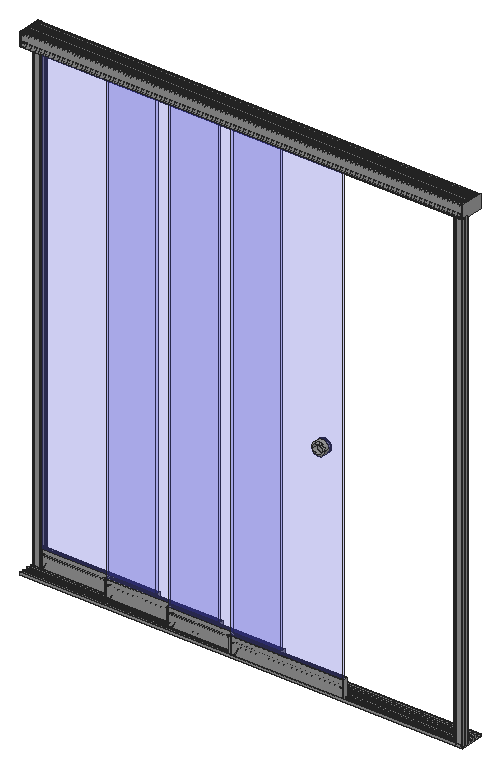
Revit family "SlideTec-Flush Track- 4 Panels-Retracted 1 side", category Generic Models, Revit 2018
Family settings
  Can host rebar = No
  Round Connector Dimension = Use Diameter
  Part Type = Normal
  Work Plane-Based = No
  Always vertical = Yes
  Cut with Voids When Loaded = No
  Shared = No
  Room Calculation Point = No
Parameters
  Panel Width_Short [instance] = Panel Width - 21 mm  # 518 mm
  Panel 1 [instance] = if(Sliders Retracting < 0 mm, 0 mm, if(Sliders Retracting > Panel Width_Short - 43.7 mm, Panel Width_Short - 43.7 mm, Sliders Retracting))  # 300 mm
  Panel Width [instance] = (Length Input / 4) + 39 mm  # 539 mm
  Sliders Retracting [instance] = 300 mm
  Panel 3 [instance] = Panel 1 * 3  # 900 mm
  Panel 2 [instance] = Panel 1 * 2  # 600 mm
  Length Input [instance] = if(Length < 2000 mm, 2000 mm, if(Length > 5000 mm, 5000 mm, Length))  # 2000 mm
  Length [instance] = 2000 mm
  Height Input [instance] = if(Height < 1500 mm, 1500 mm, if(Height > 3000 mm, 3000 mm, Height))  # 2200 mm
  Height [instance] = 2200 mm
  Glass [instance] = Glass
  Framing [instance] = Aluminium
Reference planes
  plane 1 "Center (Front/Back)": y = 0
  plane 2: z = 0
  plane 3 "Center (Left/Right)": x = 498.5
  plane 4: x = -501.5
  plane 5: x = 1498.5
  plane 6: z = 2200
  plane 7: z = 2145
  plane 8: x = -467.5
  plane 9: z = 2180
  plane 10: x = -461.5
  plane 11: x = -482.5
Lines and regions (mm)
  model lines
    curve 1: line (1488.5, -25, 0) -> (1473.5, -25, 0)
Dimensions and locks
  equal spacing: plane 4, plane 3 "Center (Left/Right)", plane 5
  locked: plane 6 to plane 7 at 55
  "Length Input": plane 4 to plane 5
  "Height Input": plane 6 to level
  locked: plane 6 to plane 9 at 20
  locked: plane 8 to plane 10 at 6
  "Panel 1": plane 10 to nested 7
  "Panel 2": plane 10 to nested 8
  "Panel 3": plane 10 to nested 6
  nested 7 to nested 7 = 518 mm
  locked: plane 4 to plane 11 at 19
  aligned and locked: level to plane 2
  aligned and locked: plane 6 to nested 3
  aligned and locked: plane 7 to nested 2
  aligned and locked: plane 5 to nested 4
  aligned and locked: plane 4 to nested 3
  aligned and locked: plane 7 to nested 4
  aligned and locked: plane 9 to nested 5
  aligned and locked: plane 9 to nested 7
  aligned and locked: plane 9 to nested 8
  aligned and locked: plane 9 to nested 6
  aligned and locked: plane 4 to nested 1
Automatic sketch dimensions
  curve 1 to plane 5 = 25 mm
  curve 1 to plane 5 = 10 mm
  plane 1 "Center (Front/Back)" to curve 1 = 25 mm
Nested families
  nested 1: "Flush Track" at (-46.328, 0, 0), type "Flush Track"
  nested 2: "Side Channel" at (-501.5, 34.5, 2) x (0, -1, 0) z (0, 0, 1), type "Side Channel"
    with Height 2143 mm
  nested 3: "Head Guide" at (-117.423, 0, 2140), type "Head Guide"
    with Width 2000 mm
  nested 4: "Side Channel" at (1498.5, -34.5, 2) x (0, 1, 0) z (0, 0, 1), type "Side Channel"
    with Height 2143 mm
  nested 5: "Panel 1" at (-213, 34.5, 2.557), type "Panel 1"
    with Height 2177.443 mm, Width 539 mm
  nested 6: "Panel 1 & 2 " at (697.5, -34.483, 2.557) x (-1, 0, 0) z (0, 0, 1), type "Panel 1 & 2 "
    with Height 2177.443 mm, Handle 988.721 mm
  nested 7: "Panel 2" at (97.5, 11.5, 2.557), type "Panel 2"
    with Height 2177.443 mm, Width 518 mm
  nested 8: "Panel 2" at (397.5, -11.5, 2.557), type "Panel 2"
    with Height 2177.443 mm, Width 518 mm
Definition of nested family "Flush Track"
  Parameters (values of type "Flush Track")
    Length = 2000 mm
    Framing = none
  Reference planes
    plane 1 "Center (Front/Back)": y = 0
    plane 2: z = 0
    plane 3 "Center (Left/Right)": x = 544.828
    plane 4: x = 1544.828
    plane 5: x = -455.172
    plane 6: x = 1534.828
  Forms (mm)
    Extrusion 1, solid, material <- "Framing"
      sketch origin (0, 0, 0) x (0, -1, 0) y (0, 0, -1)
        loop
          line (36.501, -1.995) -> (50.397, -1.995) -> (50.397, -11) -> (52.2, -11) -> (52.2, 0) -> (-52.2, 0) -> (-52.2, -11) -> (-50.4, -11) -> (-50.4, -2.5)
          arc (-50.4, -2.5) -> (-50.254, -2.146) -> (-49.9, -2) r 0.5
          line (-49.9, -2) -> (-36.5, -2)
          arc (-36.5, -2) -> (-36.146, -2.146) -> (-35.998, -2.5) r 0.5
          line (-35.998, -2.5) -> (-35.998, -8.88) -> (-37.398, -8.88) -> (-37.398, -11.1)
          arc (-37.398, -11.1) -> (-34.498, -14) -> (-31.598, -11.1) r 2.9
          line (-31.598, -11.1) -> (-31.598, -8.881) -> (-33, -8.881) -> (-33, -2.502)
          arc (-33, -2.502) -> (-32.854, -2.147) -> (-32.5, -2) r 0.5
          line (-32.5, -2) -> (-13.5, -2)
          arc (-13.5, -2) -> (-13.146, -2.146) -> (-12.998, -2.5) r 0.5
          line (-12.998, -2.5) -> (-12.998, -8.88) -> (-14.398, -8.88) -> (-14.398, -11.1)
          arc (-14.398, -11.1) -> (-11.498, -14) -> (-8.598, -11.1) r 2.9
          line (-8.598, -11.1) -> (-8.598, -8.881) -> (-10, -8.881) -> (-10, -2.502)
          arc (-10, -2.502) -> (-9.854, -2.147) -> (-9.5, -2) r 0.5
          line (-9.5, -2) -> (9.5, -2)
          arc (9.5, -2) -> (9.854, -2.146) -> (10.002, -2.5) r 0.5
          line (10.002, -2.5) -> (10.002, -8.88) -> (8.602, -8.88) -> (8.602, -11.1)
          arc (8.602, -11.1) -> (11.502, -14) -> (14.402, -11.1) r 2.9
          line (14.402, -11.1) -> (14.402, -8.881) -> (13, -8.881) -> (13, -2.502)
          arc (13, -2.502) -> (13.146, -2.147) -> (13.5, -2) r 0.5
          line (13.5, -2) -> (32.5, -2)
          arc (32.5, -2) -> (32.854, -2.146) -> (33, -2.5) r 0.5
          line (33, -2.5) -> (33, -8.88) -> (31.6, -8.88) -> (31.6, -11.1)
          arc (31.6, -11.1) -> (34.5, -14) -> (37.4, -11.1) r 2.9
          line (37.4, -11.1) -> (37.4, -8.881) -> (35.998, -8.881) -> (35.998, -2.498)
          arc (35.998, -2.498) -> (36.146, -2.142) -> (36.501, -1.995) r 0.503
      from -455.172 to 1544.828
    Extrusion 2, void
      sketch origin (-455.172, 0, 0) x (0, -1, 0) y (0, 0, -1)
        loop
          line (-26.357, -2) -> (-42.835, -2) -> (-42.835, -17) -> (-26.357, -17) -> (-26.357, -2)
      from 0 to 10
    Extrusion 3, void
      sketch origin (1544.828, 0, 0) x (0, -1, 0) y (0, 0, 1)
        loop
          line (-26.357, 2) -> (-26.357, 17) -> (-42.835, 17) -> (-42.835, 2) -> (-26.357, 2)
      from 0 to 10
    Extrusion 4, void
      sketch origin (1544.828, -68.998, 0) x (0, -1, 0) y (0, 0, 1)
        loop
          line (-26.357, 2) -> (-26.357, 17) -> (-42.835, 17) -> (-42.835, 2) -> (-26.357, 2)
      from 0 to 10
  Cuts and joins
    Extrusion 2, Extrusion 3, Extrusion 4 cuts Extrusion 1
  Dimensions and locks
    equal spacing: plane 5, plane 3 "Center (Left/Right)", plane 4
    "Length": plane 5 to plane 4
    locked: plane 6 to plane 4 at 10
    aligned and locked: level to plane 2
    aligned and locked: Extrusion 1 to plane 5
    aligned and locked: Extrusion 1 to plane 4
    aligned and locked: Extrusion 3 to Extrusion 4
    aligned and locked: Extrusion 4 to plane 4
  Automatic sketch dimensions
    Extrusion 1 sketch curve to level = 0 mm
    level to Extrusion 1 sketch curve = 11 mm  (x2)
    Extrusion 1 sketch curve to plane 1 "Center (Front/Back)" = 52.2 mm
    Extrusion 1 sketch curve to Extrusion 1 sketch curve = 1.8 mm
    Extrusion 1 sketch curve to Extrusion 1 sketch curve = 0.5 mm  (x4)
    Extrusion 1 sketch curve to Extrusion 1 sketch curve = 13.002 mm
    level to Extrusion 1 sketch curve = 2.5 mm  (x5)
    Extrusion 1 sketch curve to Extrusion 1 sketch curve = 0.898 mm  (x3)
    Extrusion 1 sketch curve to Extrusion 1 sketch curve = 1.4 mm  (x4)
    Extrusion 1 sketch curve to Extrusion 1 sketch curve = 1.5 mm  (x4)
    Extrusion 1 sketch curve to Extrusion 1 sketch curve = 2.998 mm  (x2)
    Extrusion 1 sketch curve to plane 1 "Center (Front/Back)" = 14.398 mm
    Extrusion 1 sketch curve to Extrusion 1 sketch curve = 1.402 mm  (x2)
    plane 1 "Center (Front/Back)" to Extrusion 1 sketch curve = 8.602 mm
    Extrusion 1 sketch curve to Extrusion 1 sketch curve = 17.198 mm
    Extrusion 1 sketch curve to Extrusion 1 sketch curve = 0.9 mm
    Extrusion 1 sketch curve to Extrusion 1 sketch curve = 0.503 mm
    Extrusion 1 sketch curve to Extrusion 1 sketch curve = 12.997 mm
    Extrusion 1 sketch curve to Extrusion 1 sketch curve = 1.803 mm
    Extrusion 1 sketch curve to Extrusion 1 sketch curve = 8.6 mm  (x4)
    Extrusion 1 sketch curve to Extrusion 1 sketch curve = 2.219 mm  (x4)
    Extrusion 1 sketch curve to Extrusion 1 sketch curve = 2.22 mm  (x4)
    level to Extrusion 1 sketch curve = 2.502 mm  (x2)
    Extrusion 1 sketch curve to Extrusion 1 sketch curve = 0.502 mm
    Extrusion 1 sketch curve to Extrusion 1 sketch curve = 0.002 mm  (x2)
    level to Extrusion 1 sketch curve = 2.498 mm
    Extrusion 1 sketch curve to Extrusion 1 sketch curve = 0 mm  (x3)
    Extrusion 1 to Extrusion 2 sketch curve = 0 mm
    Extrusion 2 sketch curve to Extrusion 1 = 5.436 mm
    Extrusion 2 sketch curve to Extrusion 1 = 5.242 mm
    Extrusion 2 sketch curve to Extrusion 1 = 6 mm
    level to Extrusion 3 sketch curve = 2 mm
    Extrusion 3 sketch curve to plane 1 "Center (Front/Back)" = 42.835 mm
    Extrusion 3 sketch curve to Extrusion 3 sketch curve = 16.478 mm
    Extrusion 3 sketch curve to Extrusion 3 sketch curve = 15 mm
    level to Extrusion 4 sketch curve = 2 mm
    plane 1 "Center (Front/Back)" to Extrusion 4 sketch curve = 26.164 mm
    Extrusion 4 sketch curve to Extrusion 4 sketch curve = 16.478 mm
    Extrusion 4 sketch curve to Extrusion 4 sketch curve = 15 mm
Definition of nested family "Side Channel"
  Parameters (values of type "Side Channel")
    Height [instance] = 326.66 mm
    Framing = none
  Reference planes
    plane 1 "Center (Front/Back)": y = 0
    plane 2: z = 0
    plane 3 "Center (Left/Right)": x = 0
    plane 4: z = 326.66
  Forms (mm)
    Extrusion 1, solid, material <- "Framing"
      sketch origin (41.374, 114.075, 0) x (0, 1, 0) y (-1, 0, 0)
        loop
          arc (-74.577, 26.665) -> (-74.222, 26.811) -> (-74.075, 27.165) r 0.5
          line (-74.075, 27.165) -> (-74.075, 28.965)
          arc (-74.075, 28.965) -> (-74.888, 30.101) -> (-76.225, 29.698) r 1.2
          line (-76.225, 29.698) -> (-76.225, 28.865) -> (-75.175, 28.865) -> (-75.175, 27.765) -> (-80.475, 27.765) -> (-80.475, 28.865) -> (-79.425, 28.865) -> (-79.425, 29.812)
          arc (-79.425, 29.812) -> (-80.467, 30.15) -> (-81.349, 29.501) r 1.2
          line (-81.349, 29.501) -> (-81.349, 28.665) -> (-103.075, 28.665) -> (-103.075, 30.015) -> (-104.075, 30.015) -> (-104.075, 52.515) -> (-103.075, 52.515) -> (-103.075, 53.865) -> (-81.349, 53.865) -> (-81.349, 53.029)
          arc (-81.349, 53.029) -> (-80.467, 52.38) -> (-79.425, 52.718) r 1.2
          line (-79.425, 52.718) -> (-79.425, 53.665) -> (-80.475, 53.665) -> (-80.475, 54.765) -> (-75.175, 54.765) -> (-75.175, 53.665) -> (-76.225, 53.665) -> (-76.225, 52.832)
          arc (-76.225, 52.832) -> (-74.888, 52.429) -> (-74.075, 53.565) r 1.2
          line (-74.075, 53.565) -> (-74.075, 55.365)
          arc (-74.075, 55.365) -> (-74.221, 55.719) -> (-74.575, 55.865) r 0.5
          line (-74.575, 55.865) -> (-110.875, 55.865) -> (-110.875, 54.565) -> (-114.075, 54.565) -> (-114.075, 51.065) -> (-112.475, 51.065) -> (-112.475, 52.965) -> (-109.575, 52.965) -> (-109.575, 53.865) -> (-106.575, 53.865) -> (-106.575, 46.065) -> (-114.075, 46.065) -> (-114.075, 44.265) -> (-106.575, 44.265) -> (-106.575, 38.265) -> (-114.075, 38.265) -> (-114.075, 36.465) -> (-106.575, 36.465) -> (-106.575, 28.665) -> (-109.575, 28.665) -> (-109.575, 29.565) -> (-112.475, 29.565) -> (-112.475, 31.465) -> (-114.075, 31.465) -> (-114.075, 27.965) -> (-110.875, 27.965) -> (-110.875, 26.665) -> (-74.577, 26.665)
      from 0 to 326.66
  Dimensions and locks
    "Height": plane 4 to plane 2
    aligned and locked: level to plane 2
    aligned and locked: plane 4 to Extrusion 1
  Automatic sketch dimensions
    plane 1 "Center (Front/Back)" to Extrusion 1 sketch curve = 0 mm  (x4)
    Extrusion 1 sketch curve to Extrusion 1 sketch curve = 1.6 mm
    Extrusion 1 sketch curve to plane 1 "Center (Front/Back)" = 1.6 mm
    Extrusion 1 sketch curve to plane 1 "Center (Front/Back)" = 3.2 mm  (x2)
    Extrusion 1 sketch curve to Extrusion 1 sketch curve = 1.3 mm  (x3)
    Extrusion 1 sketch curve to Extrusion 1 sketch curve = 3 mm
    Extrusion 1 sketch curve to Extrusion 1 sketch curve = 0 mm  (x3)
    Extrusion 1 sketch curve to Extrusion 1 sketch curve = 2.5 mm
    Extrusion 1 sketch curve to Extrusion 1 sketch curve = 1 mm  (x2)
    Extrusion 1 sketch curve to Extrusion 1 sketch curve = 21.726 mm  (x2)
    Extrusion 1 sketch curve to Extrusion 1 sketch curve = 0.874 mm  (x2)
    Extrusion 1 sketch curve to Extrusion 1 sketch curve = 0.2 mm  (x3)
    Extrusion 1 sketch curve to Extrusion 1 sketch curve = 0.85 mm  (x2)
    Extrusion 1 sketch curve to Extrusion 1 sketch curve = 3.2 mm  (x2)
    Extrusion 1 sketch curve to Extrusion 1 sketch curve = 0.95 mm  (x2)
    Extrusion 1 sketch curve to Extrusion 1 sketch curve = 0.1 mm  (x6)
    Extrusion 1 sketch curve to Extrusion 1 sketch curve = 0.598 mm
    Extrusion 1 sketch curve to Extrusion 1 sketch curve = 0.6 mm  (x3)
    Extrusion 1 sketch curve to Extrusion 1 sketch curve = 0.002 mm
    Extrusion 1 sketch curve to Extrusion 1 sketch curve = 0.5 mm
    Extrusion 1 sketch curve to Extrusion 1 sketch curve = 1.1 mm  (x3)
    plane 3 "Center (Left/Right)" to Extrusion 1 sketch curve = 14.709 mm
    Extrusion 1 sketch curve to Extrusion 1 sketch curve = 0.9 mm  (x3)
    Extrusion 1 sketch curve to Extrusion 1 sketch curve = 0.836 mm
    Extrusion 1 sketch curve to Extrusion 1 sketch curve = 1.35 mm  (x2)
    Extrusion 1 sketch curve to Extrusion 1 sketch curve = 1.9 mm  (x2)
    plane 3 "Center (Left/Right)" to Extrusion 1 sketch curve = 4.909 mm
    Extrusion 1 sketch curve to Extrusion 1 sketch curve = 1.8 mm  (x2)
    Extrusion 1 sketch curve to plane 3 "Center (Left/Right)" = 2.891 mm
    Extrusion 1 sketch curve to Extrusion 1 sketch curve = 5 mm
    Extrusion 1 sketch curve to Extrusion 1 sketch curve = 6.45 mm
    Extrusion 1 sketch curve to plane 3 "Center (Left/Right)" = 11.344 mm
    Extrusion 1 sketch curve to Extrusion 1 sketch curve = 0.114 mm
    Extrusion 1 sketch curve to Extrusion 1 sketch curve = 0.311 mm
    Extrusion 1 sketch curve to Extrusion 1 sketch curve = 0.7 mm
Definition of nested family "Head Guide"
  Parameters (values of type "Head Guide")
    Width = 3000 mm
    Framing = none
  Reference planes
    plane 1 "Center (Front/Back)": y = 0
    plane 2: z = 0
    plane 3 "Center (Left/Right)": x = 1115.923
    plane 4: x = -381.077
    plane 5: x = 2612.923
    plane 6: x = -384.077
    plane 7: x = 2615.923
  Forms (mm)
    Extrusion 1, solid, material <- "Framing"
      sketch origin (0, 0, 5) x (0, 1, 0) y (0, 0, 1)
        loop
          arc (27.3, 47.95) -> (25.815, 47.335) -> (25.2, 45.85) r 2.1
          line (25.2, 45.85) -> (25.2, 44.65) -> (20.8, 44.65) -> (20.8, 45.85)
          arc (20.8, 45.85) -> (20.185, 47.335) -> (18.7, 47.95) r 2.1
          line (18.7, 47.95) -> (17.5, 47.95)
          arc (17.5, 47.95) -> (17.146, 48.096) -> (17, 48.45) r 0.5
          line (17, 48.45) -> (17, 53.2) -> (18, 53.2)
          arc (18, 53.2) -> (18.354, 53.346) -> (18.5, 53.7) r 0.5
          line (18.5, 53.7) -> (18.5, 54.5)
          arc (18.5, 54.5) -> (18.354, 54.854) -> (18, 55) r 0.5
          line (18, 55) -> (15.5, 55)
          arc (15.5, 55) -> (15.146, 54.854) -> (15, 54.5) r 0.5
          line (15, 54.5) -> (15, 49.15)
          arc (15, 49.15) -> (14.854, 48.796) -> (14.5, 48.65) r 0.5
          line (14.5, 48.65) -> (8.5, 48.65)
          arc (8.5, 48.65) -> (8.146, 48.796) -> (8, 49.15) r 0.5
          line (8, 49.15) -> (8, 54.5)
          arc (8, 54.5) -> (7.854, 54.854) -> (7.5, 55) r 0.5
          line (7.5, 55) -> (5, 55)
          arc (5, 55) -> (4.646, 54.854) -> (4.5, 54.5) r 0.5
          line (4.5, 54.5) -> (4.5, 53.7)
          arc (4.5, 53.7) -> (4.646, 53.346) -> (5, 53.2) r 0.5
          line (5, 53.2) -> (6, 53.2) -> (6, 48.45)
          arc (6, 48.45) -> (5.854, 48.096) -> (5.5, 47.95) r 0.5
          line (5.5, 47.95) -> (4.3, 47.95)
          arc (4.3, 47.95) -> (2.815, 47.335) -> (2.2, 45.85) r 2.1
          line (2.2, 45.85) -> (2.2, 44.65) -> (-2.2, 44.65) -> (-2.2, 45.85)
          arc (-2.2, 45.85) -> (-2.815, 47.335) -> (-4.3, 47.95) r 2.1
          line (-4.3, 47.95) -> (-5.5, 47.95)
          arc (-5.5, 47.95) -> (-5.854, 48.096) -> (-6, 48.45) r 0.5
          line (-6, 48.45) -> (-6, 53.2) -> (-5, 53.2)
          arc (-5, 53.2) -> (-4.646, 53.346) -> (-4.5, 53.7) r 0.5
          line (-4.5, 53.7) -> (-4.5, 54.5)
          arc (-4.5, 54.5) -> (-4.646, 54.854) -> (-5, 55) r 0.5
          line (-5, 55) -> (-7.5, 55)
          arc (-7.5, 55) -> (-7.854, 54.854) -> (-8, 54.5) r 0.5
          line (-8, 54.5) -> (-8, 49.15)
          arc (-8, 49.15) -> (-8.146, 48.796) -> (-8.5, 48.65) r 0.5
          line (-8.5, 48.65) -> (-14.5, 48.65)
          arc (-14.5, 48.65) -> (-14.854, 48.796) -> (-15, 49.15) r 0.5
          line (-15, 49.15) -> (-15, 54.5)
          arc (-15, 54.5) -> (-15.146, 54.854) -> (-15.5, 55) r 0.5
          line (-15.5, 55) -> (-18, 55)
          arc (-18, 55) -> (-18.354, 54.854) -> (-18.5, 54.5) r 0.5
          line (-18.5, 54.5) -> (-18.5, 53.7)
          arc (-18.5, 53.7) -> (-18.354, 53.346) -> (-18, 53.2) r 0.5
          line (-18, 53.2) -> (-17, 53.2) -> (-17, 48.45)
          arc (-17, 48.45) -> (-17.146, 48.096) -> (-17.5, 47.95) r 0.5
          line (-17.5, 47.95) -> (-18.7, 47.95)
          arc (-18.7, 47.95) -> (-20.185, 47.335) -> (-20.8, 45.85) r 2.1
          line (-20.8, 45.85) -> (-20.8, 44.65) -> (-25.2, 44.65) -> (-25.2, 45.85)
          arc (-25.2, 45.85) -> (-25.815, 47.335) -> (-27.3, 47.95) r 2.1
          line (-27.3, 47.95) -> (-28.5, 47.95)
          arc (-28.5, 47.95) -> (-28.854, 48.096) -> (-29, 48.45) r 0.5
          line (-29, 48.45) -> (-29, 53.2) -> (-28, 53.2)
          arc (-28, 53.2) -> (-27.646, 53.346) -> (-27.5, 53.7) r 0.5
          line (-27.5, 53.7) -> (-27.5, 54.5)
          arc (-27.5, 54.5) -> (-27.646, 54.854) -> (-28, 55) r 0.5
          line (-28, 55) -> (-30.5, 55)
          arc (-30.5, 55) -> (-30.854, 54.854) -> (-31, 54.5) r 0.5
          line (-31, 54.5) -> (-31, 49.15)
          arc (-31, 49.15) -> (-31.146, 48.796) -> (-31.5, 48.65) r 0.5
          line (-31.5, 48.65) -> (-37.5, 48.65)
          arc (-37.5, 48.65) -> (-37.854, 48.796) -> (-38, 49.15) r 0.5
          line (-38, 49.15) -> (-38, 54.5)
          arc (-38, 54.5) -> (-38.146, 54.854) -> (-38.5, 55) r 0.5
          line (-38.5, 55) -> (-39.3, 55)
          arc (-39.3, 55) -> (-39.654, 54.854) -> (-39.8, 54.5) r 0.5
          line (-39.8, 54.5) -> (-39.8, 48.45)
          arc (-39.8, 48.45) -> (-39.946, 48.096) -> (-40.3, 47.95) r 0.5
          line (-40.3, 47.95) -> (-48.7, 47.95)
          arc (-48.7, 47.95) -> (-49.054, 48.096) -> (-49.2, 48.45) r 0.5
          line (-49.2, 48.45) -> (-49.2, 53.2) -> (-48, 53.2)
          arc (-48, 53.2) -> (-47.646, 53.346) -> (-47.5, 53.7) r 0.5
          line (-47.5, 53.7) -> (-47.5, 54.5)
          arc (-47.5, 54.5) -> (-47.646, 54.854) -> (-48, 55) r 0.5
          line (-48, 55) -> (-50.5, 55)
          arc (-50.5, 55) -> (-50.854, 54.854) -> (-51, 54.5) r 0.5
          line (-51, 54.5) -> (-51, -4.5)
          arc (-51, -4.5) -> (-50.854, -4.854) -> (-50.5, -5) r 0.5
          line (-50.5, -5) -> (-49.7, -5)
          arc (-49.7, -5) -> (-49.346, -4.854) -> (-49.2, -4.5) r 0.5
          line (-49.2, -4.5) -> (-49.2, 0) -> (-43.25, 0)
          arc (-43.25, 0) -> (-42.896, 0.146) -> (-42.75, 0.5) r 0.5
          line (-42.75, 0.5) -> (-42.75, 2.25) -> (-43.95, 2.25) -> (-43.95, 1.2) -> (-45.35, 1.2) -> (-45.35, 2.25) -> (-48.7, 2.25)
          arc (-48.7, 2.25) -> (-49.054, 2.396) -> (-49.2, 2.75) r 0.5
          line (-49.2, 2.75) -> (-49.2, 4.95)
          arc (-49.2, 4.95) -> (-49.054, 5.304) -> (-48.7, 5.45) r 0.5
          line (-48.7, 5.45) -> (-45.35, 5.45) -> (-45.35, 6.5) -> (-43.774, 6.5) -> (-43.679, 5.692)
          arc (-43.679, 5.692) -> (-43.116, 5.468) -> (-42.75, 5.95) r 0.5
          line (-42.75, 5.95) -> (-42.853, 6.824) -> (-43.952, 8.407)
          arc (-43.952, 8.407) -> (-44.492, 8.726) -> (-45.085, 8.523) r 0.75
          arc (-45.085, 8.523) -> (-48.294, 9.895) -> (-45.092, 11.283) r 1.9
          line (-45.092, 11.283) -> (-44.25, 11.283) -> (-44.25, 12.539)
          arc (-44.25, 12.539) -> (-46.718, 13.285) -> (-49, 12.084) r 3.4
          line (-49, 12.084) -> (-49, 42.066)
          arc (-49, 42.066) -> (-48.258, 41.406) -> (-47.356, 40.989) r 3.4
          arc (-47.356, 40.989) -> (-46.425, 41.496) -> (-46.932, 42.428) r 0.75
          arc (-46.932, 42.428) -> (-47.344, 45.895) -> (-44.547, 43.805) r 1.9
          arc (-44.547, 43.805) -> (-44.366, 43.116) -> (-43.691, 42.89) r 0.75
          line (-43.691, 42.89) -> (-42.896, 43.026) -> (-42, 44.624) -> (-42, 46.15) -> (-27, 46.15) -> (-27, 44.624) -> (-26.004, 42.85) -> (-24, 42.85) -> (-24, 7.7) -> (-26.25, 7.7) -> (-26.25, 5.45) -> (-25.05, 5.45) -> (-25.05, 6.5) -> (-23.85, 6.5) -> (-23.85, 1.2) -> (-25.05, 1.2) -> (-25.05, 2.25) -> (-26.25, 2.25) -> (-26.25, 0.5)
          arc (-26.25, 0.5) -> (-26.104, 0.146) -> (-25.75, 0) r 0.5
          line (-25.75, 0) -> (-20.25, 0)
          arc (-20.25, 0) -> (-19.896, 0.146) -> (-19.75, 0.5) r 0.5
          line (-19.75, 0.5) -> (-19.75, 2.25) -> (-20.95, 2.25) -> (-20.95, 1.2) -> (-22.15, 1.2) -> (-22.15, 6.5) -> (-20.95, 6.5) -> (-20.95, 5.45) -> (-19.75, 5.45) -> (-19.75, 7.7) -> (-22, 7.7) -> (-22, 42.85) -> (-20, 42.85) -> (-19.042, 44.471) -> (-18.991, 46.15) -> (-4, 46.15) -> (-4, 44.624) -> (-3.004, 42.85) -> (-1, 42.85) -> (-1, 7.7) -> (-3.25, 7.7) -> (-3.25, 5.45) -> (-2.05, 5.45) -> (-2.05, 6.5) -> (-0.85, 6.5) -> (-0.85, 1.2) -> (-2.05, 1.2) -> (-2.05, 2.25) -> (-3.25, 2.25) -> (-3.25, 0.5)
          arc (-3.25, 0.5) -> (-3.104, 0.146) -> (-2.75, 0) r 0.5
          line (-2.75, 0) -> (2.75, 0)
          arc (2.75, 0) -> (3.104, 0.146) -> (3.25, 0.5) r 0.5
          line (3.25, 0.5) -> (3.25, 2.25) -> (2.05, 2.25) -> (2.05, 1.2) -> (0.85, 1.2) -> (0.85, 6.5) -> (2.05, 6.5) -> (2.05, 5.45) -> (3.25, 5.45) -> (3.25, 7.7) -> (1, 7.7) -> (1, 42.85) -> (3, 42.85) -> (3.958, 44.471) -> (4.009, 46.15) -> (19, 46.15) -> (19, 44.624) -> (19.996, 42.85) -> (22, 42.85) -> (22, 7.7) -> (19.75, 7.7) -> (19.75, 5.45) -> (20.95, 5.45) -> (20.95, 6.5) -> (22.15, 6.5) -> (22.15, 1.2) -> (20.95, 1.2) -> (20.95, 2.25) -> (19.75, 2.25) -> (19.75, 0.5)
          arc (19.75, 0.5) -> (19.896, 0.146) -> (20.25, 0) r 0.5
          line (20.25, 0) -> (25.75, 0)
          arc (25.75, 0) -> (26.104, 0.146) -> (26.25, 0.5) r 0.5
          line (26.25, 0.5) -> (26.25, 2.25) -> (25.05, 2.25) -> (25.05, 1.2) -> (23.85, 1.2) -> (23.85, 6.5) -> (25.05, 6.5) -> (25.05, 5.45) -> (26.25, 5.45) -> (26.25, 7.7) -> (24, 7.7) -> (24, 42.85) -> (26, 42.85) -> (26.958, 44.471) -> (27.009, 46.15) -> (42, 46.15) -> (42, 44.624) -> (42.896, 43.026) -> (43.691, 42.89)
          arc (43.691, 42.89) -> (44.366, 43.116) -> (44.547, 43.805) r 0.75
          arc (44.547, 43.805) -> (47.344, 45.895) -> (46.932, 42.428) r 1.9
          arc (46.932, 42.428) -> (46.425, 41.496) -> (47.356, 40.989) r 0.75
          arc (47.356, 40.989) -> (48.258, 41.406) -> (49, 42.066) r 3.4
          line (49, 42.066) -> (49, 12.084)
          arc (49, 12.084) -> (46.718, 13.285) -> (44.25, 12.539) r 3.4
          line (44.25, 12.539) -> (44.25, 11.283) -> (45.092, 11.283)
          arc (45.092, 11.283) -> (48.294, 9.895) -> (45.085, 8.523) r 1.9
          arc (45.085, 8.523) -> (44.492, 8.726) -> (43.952, 8.407) r 0.75
          line (43.952, 8.407) -> (42.853, 6.824) -> (42.75, 5.95)
          arc (42.75, 5.95) -> (43.116, 5.468) -> (43.679, 5.692) r 0.5
          line (43.679, 5.692) -> (43.774, 6.5) -> (45.35, 6.5) -> (45.35, 5.45) -> (48.7, 5.45)
          arc (48.7, 5.45) -> (49.054, 5.304) -> (49.2, 4.95) r 0.5
          line (49.2, 4.95) -> (49.2, 2.75)
          arc (49.2, 2.75) -> (49.054, 2.396) -> (48.7, 2.25) r 0.5
          line (48.7, 2.25) -> (45.35, 2.25) -> (45.35, 1.2) -> (43.95, 1.2) -> (43.95, 2.25) -> (42.75, 2.25) -> (42.75, 0.5)
          arc (42.75, 0.5) -> (42.896, 0.146) -> (43.25, 0) r 0.5
          line (43.25, 0) -> (49.2, 0) -> (49.2, -4.5)
          arc (49.2, -4.5) -> (49.346, -4.854) -> (49.7, -5) r 0.5
          line (49.7, -5) -> (50.5, -5)
          arc (50.5, -5) -> (50.854, -4.854) -> (51, -4.5) r 0.5
          line (51, -4.5) -> (51, 54.5)
          arc (51, 54.5) -> (50.854, 54.854) -> (50.5, 55) r 0.5
          line (50.5, 55) -> (48, 55)
          arc (48, 55) -> (47.646, 54.854) -> (47.5, 54.5) r 0.5
          line (47.5, 54.5) -> (47.5, 53.7)
          arc (47.5, 53.7) -> (47.646, 53.346) -> (48, 53.2) r 0.5
          line (48, 53.2) -> (49.2, 53.2) -> (49.2, 48.45)
          arc (49.2, 48.45) -> (49.054, 48.096) -> (48.7, 47.95) r 0.5
          line (48.7, 47.95) -> (40.3, 47.95)
          arc (40.3, 47.95) -> (39.946, 48.096) -> (39.8, 48.45) r 0.5
          line (39.8, 48.45) -> (39.8, 54.5)
          arc (39.8, 54.5) -> (39.654, 54.854) -> (39.3, 55) r 0.5
          line (39.3, 55) -> (38.5, 55)
          arc (38.5, 55) -> (38.146, 54.854) -> (38, 54.5) r 0.5
          line (38, 54.5) -> (38, 49.15)
          arc (38, 49.15) -> (37.854, 48.796) -> (37.5, 48.65) r 0.5
          line (37.5, 48.65) -> (31.5, 48.65)
          arc (31.5, 48.65) -> (31.146, 48.796) -> (31, 49.15) r 0.5
          line (31, 49.15) -> (31, 54.5)
          arc (31, 54.5) -> (30.854, 54.854) -> (30.5, 55) r 0.5
          line (30.5, 55) -> (28, 55)
          arc (28, 55) -> (27.646, 54.854) -> (27.5, 54.5) r 0.5
          line (27.5, 54.5) -> (27.5, 53.7)
          arc (27.5, 53.7) -> (27.646, 53.346) -> (28, 53.2) r 0.5
          line (28, 53.2) -> (29, 53.2) -> (29, 48.45)
          arc (29, 48.45) -> (28.854, 48.096) -> (28.5, 47.95) r 0.5
          line (28.5, 47.95) -> (27.3, 47.95)
      from -381.077 to 2612.923
    Extrusion 2, solid, material <- "Framing"
      sketch origin (2612.923, 0, 5) x (0, 1, 0) y (0, 0, 1)
        loop
          line (51, -5) -> (51, 55) -> (-51, 55) -> (-51, -5) -> (-48, -5) -> (-48, 0) -> (-21.001, 0) -> (-21.001, -5) -> (51, -5)
      from 0 to 3
    Extrusion 3, solid, material <- "Framing"
      sketch origin (-381.077, 0, 5) x (0, -1, 0) y (0, 0, 1)
        loop
          line (51, -5) -> (51, 55) -> (-51, 55) -> (-51, -5) -> (-48, -5) -> (-48, 0) -> (-21.001, 0) -> (-21.001, -5) -> (51, -5)
      from 0 to 3
  Dimensions and locks
    locked: plane 6 to plane 4 at 3
    locked: plane 5 to plane 7 at 3
    equal spacing: plane 4, plane 3 "Center (Left/Right)", plane 5
    "Width": plane 6 to plane 7
    aligned and locked: level to plane 2
    aligned and locked: Extrusion 1 to plane 4
    aligned and locked: Extrusion 1 to plane 5
  Automatic sketch dimensions
    Extrusion 1 sketch curve to Extrusion 1 sketch curve = 0 mm  (x27)
    Extrusion 1 sketch curve to level = 0 mm  (x2)
    plane 1 "Center (Front/Back)" to Extrusion 1 sketch curve = 51 mm
    Extrusion 1 sketch curve to Extrusion 1 sketch curve = 0.5 mm  (x50)
    Extrusion 1 sketch curve to Extrusion 1 sketch curve = 0.8 mm  (x13)
    Extrusion 1 sketch curve to Extrusion 1 sketch curve = 1.3 mm  (x4)
    Extrusion 1 sketch curve to Extrusion 1 sketch curve = 0.2 mm  (x7)
    Extrusion 1 sketch curve to Extrusion 1 sketch curve = 1.2 mm  (x36)
    Extrusion 1 sketch curve to Extrusion 1 sketch curve = 1.856 mm
    Extrusion 1 sketch curve to Extrusion 1 sketch curve = 2.606 mm  (x2)
    Extrusion 1 sketch curve to Extrusion 1 sketch curve = 0.75 mm  (x2)
    Extrusion 1 sketch curve to Extrusion 1 sketch curve = 3.35 mm  (x3)
    Extrusion 1 sketch curve to Extrusion 1 sketch curve = 1.303 mm  (x2)
    Extrusion 1 sketch curve to Extrusion 1 sketch curve = 0.782 mm
    level to Extrusion 1 sketch curve = 17.539 mm  (x2)
    Extrusion 1 sketch curve to Extrusion 1 sketch curve = 0.842 mm  (x3)
    level to Extrusion 1 sketch curve = 16.283 mm  (x2)
    level to Extrusion 1 sketch curve = 13.407 mm  (x2)
    Extrusion 1 sketch curve to Extrusion 1 sketch curve = 0.616 mm  (x2)
    Extrusion 1 sketch curve to Extrusion 1 sketch curve = 1.4 mm  (x2)
    Extrusion 1 sketch curve to Extrusion 1 sketch curve = 2.576 mm  (x2)
    Extrusion 1 sketch curve to Extrusion 1 sketch curve = 1.576 mm
    Extrusion 1 sketch curve to Extrusion 1 sketch curve = 0.127 mm  (x2)
    level to Extrusion 1 sketch curve = 10.692 mm  (x2)
    Extrusion 1 sketch curve to Extrusion 1 sketch curve = 0.095 mm
    Extrusion 1 sketch curve to Extrusion 1 sketch curve = 0.429 mm
    Extrusion 1 sketch curve to Extrusion 1 sketch curve = 0.7 mm  (x14)
    Extrusion 1 sketch curve to Extrusion 1 sketch curve = 0.795 mm  (x2)
    level to Extrusion 1 sketch curve = 11.824 mm  (x2)
    Extrusion 1 sketch curve to Extrusion 1 sketch curve = 0.397 mm
    level to Extrusion 1 sketch curve = 10.95 mm  (x2)
    Extrusion 1 sketch curve to Extrusion 1 sketch curve = 0.896 mm  (x2)
    Extrusion 1 sketch curve to Extrusion 1 sketch curve = 1.7 mm  (x4)
    Extrusion 1 sketch curve to Extrusion 1 sketch curve = 1.8 mm  (x6)
    Extrusion 1 sketch curve to Extrusion 1 sketch curve = 6 mm  (x4)
    Extrusion 1 sketch curve to Extrusion 1 sketch curve = 2 mm  (x3)
    Extrusion 1 sketch curve to Extrusion 1 sketch curve = 1 mm  (x7)
    Extrusion 1 sketch curve to Extrusion 1 sketch curve = 0.3 mm  (x6)
    level to Extrusion 1 sketch curve = 7.25 mm  (x3)
    Extrusion 1 sketch curve to Extrusion 1 sketch curve = 16.5 mm  (x3)
    Extrusion 1 sketch curve to Extrusion 1 sketch curve = 0.996 mm  (x3)
    Extrusion 1 sketch curve to Extrusion 1 sketch curve = 1.05 mm  (x17)
    Extrusion 1 sketch curve to Extrusion 1 sketch curve = 0.15 mm  (x2)
    Extrusion 1 sketch curve to Extrusion 1 sketch curve = 1.758 mm  (x3)
    Extrusion 1 sketch curve to Extrusion 1 sketch curve = 0.051 mm  (x3)
    Extrusion 1 sketch curve to Extrusion 1 sketch curve = 0.291 mm  (x3)
    Extrusion 1 sketch curve to Extrusion 1 sketch curve = 1.5 mm  (x4)
    plane 1 "Center (Front/Back)" to Extrusion 1 sketch curve = 3.25 mm
    plane 1 "Center (Front/Back)" to Extrusion 1 sketch curve = 1 mm
    plane 1 "Center (Front/Back)" to Extrusion 1 sketch curve = 0.85 mm
    Extrusion 1 sketch curve to plane 1 "Center (Front/Back)" = 0.85 mm
    Extrusion 1 sketch curve to plane 1 "Center (Front/Back)" = 1 mm
    Extrusion 1 sketch curve to plane 1 "Center (Front/Back)" = 2.2 mm
    Extrusion 1 sketch curve to plane 1 "Center (Front/Back)" = 4.5 mm
    Extrusion 1 sketch curve to Extrusion 1 sketch curve = 0.103 mm
    Extrusion 1 sketch curve to Extrusion 1 sketch curve = 0.524 mm
    Extrusion 1 sketch curve to Extrusion 1 sketch curve = 0.178 mm
    Extrusion 1 sketch curve to Extrusion 1 sketch curve = 0.298 mm
    Extrusion 1 sketch curve to Extrusion 1 sketch curve = 1.671 mm
    Extrusion 1 sketch curve to Extrusion 1 sketch curve = 7.7 mm
    Extrusion 1 sketch curve to Extrusion 1 sketch curve = 2.306 mm
    Extrusion 1 sketch curve to Extrusion 1 sketch curve = 4.5 mm  (x2)
    Extrusion 1 sketch curve to Extrusion 1 sketch curve = 2.25 mm
    level to Extrusion 1 sketch curve = 5 mm  (x2)
    Extrusion 1 sketch curve to Extrusion 1 sketch curve = 2.2 mm  (x2)
    Extrusion 1 sketch curve to Extrusion 1 sketch curve = 3.2 mm  (x6)
    Extrusion 1 sketch curve to Extrusion 1 sketch curve = 0.55 mm
    Extrusion 1 sketch curve to Extrusion 1 sketch curve = 0.428 mm  (x2)
    Extrusion 1 sketch curve to Extrusion 1 sketch curve = 1.383 mm  (x2)
    Extrusion 1 sketch curve to Extrusion 1 sketch curve = 29.17 mm  (x2)
    Extrusion 1 sketch curve to Extrusion 1 sketch curve = 0.358 mm  (x2)
    Extrusion 1 sketch curve to Extrusion 1 sketch curve = 35.15 mm
    Extrusion 1 sketch curve to Extrusion 1 sketch curve = 1.181 mm  (x2)
    Extrusion 1 sketch curve to Extrusion 1 sketch curve = 0.137 mm  (x2)
    Extrusion 1 sketch curve to Extrusion 1 sketch curve = 0.739 mm  (x2)
    Extrusion 1 sketch curve to Extrusion 1 sketch curve = 0.621 mm
    Extrusion 1 sketch curve to Extrusion 1 sketch curve = 2.542 mm
    Extrusion 1 sketch curve to Extrusion 1 sketch curve = 1.621 mm  (x3)
    Extrusion 1 sketch curve to Extrusion 1 sketch curve = 1.774 mm  (x3)
    Extrusion 1 sketch curve to Extrusion 1 sketch curve = 1.598 mm  (x2)
    Extrusion 1 sketch curve to Extrusion 1 sketch curve = 0.179 mm
    Extrusion 1 sketch curve to Extrusion 1 sketch curve = 0.026 mm  (x2)
    Extrusion 1 sketch curve to Extrusion 1 sketch curve = 1.226 mm
    Extrusion 1 sketch curve to Extrusion 1 sketch curve = 1.379 mm
    Extrusion 1 sketch curve to Extrusion 1 sketch curve = 1.526 mm
    Extrusion 1 sketch curve to Extrusion 1 sketch curve = 3.7 mm
    Extrusion 1 sketch curve to Extrusion 1 sketch curve = 4.75 mm  (x4)
    Extrusion 1 sketch curve to Extrusion 1 sketch curve = 4.05 mm  (x4)
    Extrusion 1 sketch curve to Extrusion 1 sketch curve = 5.35 mm  (x2)
    Extrusion 3 sketch curve to Extrusion 1 = 0 mm  (x5)
    Extrusion 1 to Extrusion 3 sketch curve = 0 mm
    Extrusion 3 sketch curve to Extrusion 1 = 0.051 mm
    Extrusion 1 to Extrusion 3 sketch curve = 0.5 mm
    Extrusion 2 sketch curve to Extrusion 1 = 0 mm  (x3)
    Extrusion 1 to Extrusion 2 sketch curve = 0 mm  (x3)
    Extrusion 2 sketch curve to Extrusion 1 = 0.5 mm
    Extrusion 1 to Extrusion 2 sketch curve = 0.051 mm
Definition of nested family "Panel 1"
  Parameters (values of type "Panel 1")
    Width = 1017.1 mm
    Visable Handle = yes
    Height [instance] = 2200 mm
    Handle = 1000 mm
    Glass = none
    Framing = none
  Reference planes
    plane 1 "Center (Front/Back)": y = 0
    plane 2: z = 0
    plane 3 "Center (Left/Right)": x = 0
    plane 4: x = -502.55
    plane 5: x = 502.55
    plane 6: z = 2200
    plane 7: x = -508.55
    plane 8: x = 508.55
    plane 9: z = 1000
  Forms (mm)
    Extrusion 1, solid, material <- "Framing"
      sketch origin (-125, 0, 0.663) x (0, 1, 0) y (0, 0, 1)
        loop
          line (-3.408, 45.955) -> (3.408, 45.955)
          arc (3.408, 45.955) -> (6.75, 47.192) -> (3.408, 48.43) r 1.9
          line (3.408, 48.43) -> (-3.408, 48.43)
          arc (-3.408, 48.43) -> (-6.75, 47.192) -> (-3.408, 45.955) r 1.9
        loop
          arc (8.85, 0) -> (9.204, 0.146) -> (9.35, 0.5) r 0.5
          line (9.35, 0.5) -> (9.35, 79.992) -> (6.3, 79.992) -> (6.3, 76.917) -> (6.6, 76.144) -> (6.6, 72.75) -> (6.3, 71.977) -> (6.3, 66.917) -> (6.6, 66.144) -> (6.6, 62.75) -> (6.3, 61.977) -> (6.3, 56.917) -> (6.6, 56.144) -> (6.6, 52.492) -> (2.5, 52.492) -> (2.5, 51.292) -> (-2.5, 51.292) -> (-2.5, 52.492) -> (-6.6, 52.492) -> (-6.6, 56.144) -> (-6.3, 56.917) -> (-6.3, 61.977) -> (-6.6, 62.75) -> (-6.6, 66.144) -> (-6.3, 66.917) -> (-6.3, 71.977) -> (-6.6, 72.75) -> (-6.6, 76.144) -> (-6.3, 76.917) -> (-6.3, 79.992) -> (-9.35, 79.992) -> (-9.35, 0.5)
          arc (-9.35, 0.5) -> (-9.204, 0.146) -> (-8.85, 0) r 0.5
          line (-8.85, 0) -> (-7.25, 0) -> (-7.25, 4.819) -> (-7.651, 5.547) -> (-7.751, 43.092) -> (7.75, 43.092) -> (7.75, 11.092) -> (7.75, 5.726) -> (7.35, 5) -> (7.244, 0) -> (8.85, 0)
      from -377.55 to 627.55
    Extrusion 2, solid, material <- "Glass"
      sketch origin (-125, 0, 0.163) x (0, 1, 0) y (0, 0, 1)
        loop
          line (5.979, 53.992) -> (5.979, 2200) -> (-6.021, 2200) -> (-6.021, 53.992) -> (-5.021, 52.992) -> (4.979, 52.992) -> (5.979, 53.992)
      from -377.55 to 627.55
  Dimensions and locks
    "Height": plane 6 to plane 2
    locked: plane 7 to plane 4 at 6
    locked: plane 5 to plane 8 at 6
    equal spacing: plane 4, plane 3 "Center (Left/Right)", plane 5
    "Width": plane 7 to plane 8
    "Handle": plane 9 to plane 2
    aligned and locked: level to plane 2
    aligned and locked: Extrusion 2 to plane 4
    aligned and locked: Extrusion 2 to plane 5
    aligned and locked: nested 2 to plane 7
    aligned and locked: Extrusion 1 to plane 4
    aligned and locked: nested 1 to plane 8
    aligned and locked: Extrusion 1 to plane 5
  Automatic sketch dimensions
    plane 1 "Center (Front/Back)" to Extrusion 1 sketch curve = 9.35 mm
    Extrusion 1 sketch curve to Extrusion 1 sketch curve = 0.5 mm
    plane 1 "Center (Front/Back)" to Extrusion 1 sketch curve = 7.751 mm
    Extrusion 1 sketch curve to Extrusion 1 sketch curve = 1.199 mm
    Extrusion 1 sketch curve to Extrusion 1 sketch curve = 0.401 mm
    plane 1 "Center (Front/Back)" to Extrusion 1 sketch curve = 6.6 mm  (x2)
    Extrusion 1 sketch curve to Extrusion 1 sketch curve = 2.75 mm
    Extrusion 1 sketch curve to Extrusion 1 sketch curve = 0.3 mm  (x6)
    plane 1 "Center (Front/Back)" to Extrusion 1 sketch curve = 4.85 mm
    Extrusion 1 sketch curve to Extrusion 1 sketch curve = 1.442 mm  (x3)
    plane 1 "Center (Front/Back)" to Extrusion 1 sketch curve = 2.5 mm
    Extrusion 1 sketch curve to plane 1 "Center (Front/Back)" = 2.5 mm
    Extrusion 1 sketch curve to Extrusion 1 sketch curve = 0.908 mm
    Extrusion 1 sketch curve to Extrusion 1 sketch curve = 0 mm  (x2)
    Extrusion 1 sketch curve to plane 1 "Center (Front/Back)" = 6.3 mm  (x2)
    level to Extrusion 1 sketch curve = 0.663 mm  (x2)
    Extrusion 1 sketch curve to plane 1 "Center (Front/Back)" = 7.244 mm
    Extrusion 1 sketch curve to Extrusion 1 sketch curve = 0.106 mm
    Extrusion 1 sketch curve to Extrusion 1 sketch curve = 0.4 mm
    Extrusion 1 sketch curve to Extrusion 1 sketch curve = 1.606 mm
    Extrusion 1 sketch curve to Extrusion 1 sketch curve = 3.05 mm
    Extrusion 1 sketch curve to Extrusion 1 sketch curve = 4.319 mm
    Extrusion 1 sketch curve to Extrusion 1 sketch curve = 4.5 mm
    Extrusion 1 sketch curve to Extrusion 1 sketch curve = 0.728 mm
    Extrusion 1 sketch curve to Extrusion 1 sketch curve = 0.726 mm
    Extrusion 1 sketch curve to Extrusion 1 sketch curve = 5.367 mm
    Extrusion 1 sketch curve to Extrusion 1 sketch curve = 32 mm
    Extrusion 1 sketch curve to Extrusion 1 sketch curve = 2.862 mm  (x2)
    Extrusion 1 sketch curve to Extrusion 1 sketch curve = 1.238 mm
    Extrusion 1 sketch curve to Extrusion 1 sketch curve = 1.2 mm  (x2)
    Extrusion 1 sketch curve to Extrusion 1 sketch curve = 3.652 mm  (x2)
    Extrusion 1 sketch curve to Extrusion 1 sketch curve = 0.773 mm  (x10)
    Extrusion 1 sketch curve to Extrusion 1 sketch curve = 5.06 mm  (x4)
    Extrusion 1 sketch curve to Extrusion 1 sketch curve = 3.394 mm  (x2)
    Extrusion 1 sketch curve to Extrusion 1 sketch curve = 4.167 mm  (x2)
    Extrusion 1 sketch curve to Extrusion 1 sketch curve = 3.076 mm  (x2)
    plane 6 to Extrusion 2 sketch curve = 0.163 mm
    plane 1 "Center (Front/Back)" to Extrusion 2 sketch curve = 6.021 mm
    Extrusion 2 sketch curve to Extrusion 2 sketch curve = 1 mm  (x2)
    Extrusion 2 sketch curve to plane 1 "Center (Front/Back)" = 4.979 mm
    Extrusion 2 sketch curve to plane 1 "Center (Front/Back)" = 5.979 mm
    level to Extrusion 2 sketch curve = 54.155 mm
    Extrusion 2 sketch curve to Extrusion 2 sketch curve = 0 mm
  Nested families
    nested 1: "Slider Extrusion End Cap RH & LH" at (508.55, 0, 0) x (0, -1, 0) z (0, 0, 1), type "Slider Extrusion End Cap RH & LH"
    nested 2: "Slider Extrusion End Cap End" at (-508.55, 0, 0) x (0, 1, 0) z (0, 0, 1), type "Slider Extrusion End Cap End"
  Definition of nested family "Slider Extrusion End Cap RH & LH"
    Parameters (values of type "Slider Extrusion End Cap RH & LH")
      Framing = none
    Reference planes
      plane 1 "Center (Front/Back)": y = 0
      plane 2: z = 0
      plane 3 "Center (Left/Right)": x = 0
    Forms (mm)
      Extrusion 1, solid, material <- "Framing"
        sketch origin (9.522, -6, 0) x (1, 0, 0) y (0, 1, 0)
          loop
            line (0, 0) -> (-0.051, -14.5) -> (3.708, -14.982) -> (2.849, 6) -> (-19.001, 6) -> (-19.001, 0) -> (0, 0)
        from 0 to 80.905
      Extrusion 2, solid, material <- "Framing"
        sketch origin (9.522, -6, 0) x (0, 1, 0) y (0, 0, 1)
          loop
            line (-31, 43.114) -> (-31, 30.955) -> (-14.14, 0) -> (0, 0) -> (0, 43.655) -> (-31, 43.114)
        from -2.78 to -15.892
      Extrusion 3, void
        sketch origin (12.371, 0, 0) x (-1, 0, 0) y (0, 0, 1)
          loop
            line (9.371, 0) -> (-2.356, 1.188) -> (-2.356, -1.415) -> (21.85, -1.415) -> (21.85, 0.659) -> (15.371, 0) -> (15.371, 8.755)
            arc (15.371, 8.755) -> (12.371, 11.755) -> (9.371, 8.755) r 3
            line (9.371, 8.755) -> (9.371, 0)
        from 0 to -28.971
      Extrusion 4, solid, material <- "Framing"
        sketch origin (6.742, -6, 0) x (0, 1, 0) y (0, 0, 1)
          loop
            line (0, 43.655) -> (-14.5, 43.402) -> (-14.5, -0.888) -> (0, -0.888) -> (0, 43.655)
        from 0 to 2.729
    Cuts and joins
      Extrusion 3 cuts Extrusion 1
      Extrusion 3 cuts Extrusion 2
      Extrusion 3 cuts Extrusion 4
    Dimensions and locks
      aligned and locked: level to plane 2
  Definition of nested family "Slider Extrusion End Cap End"
    Parameters (values of type "Slider Extrusion End Cap End")
      Framing = none
    Reference planes
      plane 1 "Center (Front/Back)": y = 0
      plane 2: z = 0
      plane 3 "Center (Left/Right)": x = 0
    Forms (mm)
      Extrusion 1, solid, material <- "Framing"
        sketch origin (9.522, -6, 0) x (1, 0, 0) y (0, 1, 0)
          loop
            line (-0.043, 6) -> (-19.001, 6) -> (-19.001, 0) -> (-0.043, 0) -> (-0.043, 6)
        from 0 to 80.905
      Extrusion 2, solid, material <- "Framing"
        sketch origin (9.522, -6, 0) x (0, 1, 0) y (0, 0, 1)
          loop
            line (-31, 43.114) -> (-31, 30.955) -> (-14.14, 0) -> (0, 0) -> (0, 43.655) -> (-31, 43.114)
        from -2.78 to -15.892
      Extrusion 3, void
        sketch origin (12.371, 0, 0) x (-1, 0, 0) y (0, 0, 1)
          loop
            line (9.371, 0) -> (-2.356, 1.188) -> (-2.356, -1.415) -> (21.85, -1.415) -> (21.85, 0.659) -> (15.371, 0) -> (15.371, 8.755)
            arc (15.371, 8.755) -> (12.371, 11.755) -> (9.371, 8.755) r 3
            line (9.371, 8.755) -> (9.371, 0)
        from 0 to -28.971
    Cuts and joins
      Extrusion 3 cuts Extrusion 1
      Extrusion 3 cuts Extrusion 2
    Dimensions and locks
      aligned and locked: level to plane 2
Definition of nested family "Panel 1 & 2 "
  Parameters (values of type "Panel 1 & 2 ")
    Width = 518 mm
    Height [instance] = 1000 mm
    Handle [instance] = if((Height / 2 - 100 mm) < 500 mm, 500 mm, Height / 2 - 100 mm)  # 500 mm
    Glass = none
    Framing = none
  Reference planes
    plane 1 "Center (Front/Back)": y = 0
    plane 2: z = 0
    plane 3 "Center (Left/Right)": x = 0
    plane 4: x = -253
    plane 5: x = 253
    plane 6: z = 1000
    plane 7: x = -259
    plane 8: x = 259
    plane 9: z = 500
    plane 10: x = -159
  Forms (mm)
    Extrusion 1, solid, material <- "Framing"
      sketch origin (-125, 0, 0.663) x (0, 1, 0) y (0, 0, 1)
        loop
          line (-3.408, 45.955) -> (3.408, 45.955)
          arc (3.408, 45.955) -> (6.75, 47.192) -> (3.408, 48.43) r 1.9
          line (3.408, 48.43) -> (-3.408, 48.43)
          arc (-3.408, 48.43) -> (-6.75, 47.192) -> (-3.408, 45.955) r 1.9
        loop
          arc (8.85, 0) -> (9.204, 0.146) -> (9.35, 0.5) r 0.5
          line (9.35, 0.5) -> (9.35, 79.992) -> (6.3, 79.992) -> (6.3, 76.917) -> (6.6, 76.144) -> (6.6, 72.75) -> (6.3, 71.977) -> (6.3, 66.917) -> (6.6, 66.144) -> (6.6, 62.75) -> (6.3, 61.977) -> (6.3, 56.917) -> (6.6, 56.144) -> (6.6, 52.492) -> (2.5, 52.492) -> (2.5, 51.292) -> (-2.5, 51.292) -> (-2.5, 52.492) -> (-6.6, 52.492) -> (-6.6, 56.144) -> (-6.3, 56.917) -> (-6.3, 61.977) -> (-6.6, 62.75) -> (-6.6, 66.144) -> (-6.3, 66.917) -> (-6.3, 71.977) -> (-6.6, 72.75) -> (-6.6, 76.144) -> (-6.3, 76.917) -> (-6.3, 79.992) -> (-9.35, 79.992) -> (-9.35, 0.5)
          arc (-9.35, 0.5) -> (-9.204, 0.146) -> (-8.85, 0) r 0.5
          line (-8.85, 0) -> (-7.25, 0) -> (-7.25, 4.819) -> (-7.651, 5.547) -> (-7.751, 43.092) -> (7.75, 43.092) -> (7.75, 11.092) -> (7.75, 5.726) -> (7.35, 5) -> (7.244, 0) -> (8.85, 0)
      from -128 to 378
    Extrusion 2, solid, material <- "Glass"
      sketch origin (-125, 0, 0.163) x (0, 1, 0) y (0, 0, 1)
        loop
          line (5.979, 53.992) -> (5.979, 1000) -> (-6.021, 1000) -> (-6.021, 53.992) -> (-5.021, 52.992) -> (4.979, 52.992) -> (5.979, 53.992)
      from -128 to 378
  Dimensions and locks
    "Height": plane 6 to plane 2
    locked: plane 7 to plane 4 at 6
    locked: plane 5 to plane 8 at 6
    equal spacing: plane 4, plane 3 "Center (Left/Right)", plane 5
    "Width": plane 7 to plane 8
    "Handle": plane 9 to plane 2
    plane 7 to plane 10 = 100 mm
    aligned and locked: level to plane 2
    aligned and locked: Extrusion 2 to plane 4
    aligned and locked: Extrusion 2 to plane 5
    aligned and locked: nested 2 to plane 7
    aligned and locked: Extrusion 1 to plane 4
    aligned and locked: nested 1 to plane 8
    aligned and locked: Extrusion 1 to plane 5
    aligned and locked: plane 10 to nested 3
    aligned and locked: nested 3 to plane 9
  Automatic sketch dimensions
    plane 1 "Center (Front/Back)" to Extrusion 1 sketch curve = 9.35 mm
    Extrusion 1 sketch curve to Extrusion 1 sketch curve = 0.5 mm
    plane 1 "Center (Front/Back)" to Extrusion 1 sketch curve = 7.751 mm
    Extrusion 1 sketch curve to Extrusion 1 sketch curve = 1.199 mm
    Extrusion 1 sketch curve to Extrusion 1 sketch curve = 0.401 mm
    plane 1 "Center (Front/Back)" to Extrusion 1 sketch curve = 6.6 mm  (x2)
    Extrusion 1 sketch curve to Extrusion 1 sketch curve = 2.75 mm
    Extrusion 1 sketch curve to Extrusion 1 sketch curve = 0.3 mm  (x6)
    plane 1 "Center (Front/Back)" to Extrusion 1 sketch curve = 4.85 mm
    Extrusion 1 sketch curve to Extrusion 1 sketch curve = 1.442 mm  (x3)
    plane 1 "Center (Front/Back)" to Extrusion 1 sketch curve = 2.5 mm
    Extrusion 1 sketch curve to plane 1 "Center (Front/Back)" = 2.5 mm
    Extrusion 1 sketch curve to Extrusion 1 sketch curve = 0.908 mm
    Extrusion 1 sketch curve to Extrusion 1 sketch curve = 0 mm  (x2)
    Extrusion 1 sketch curve to plane 1 "Center (Front/Back)" = 6.3 mm  (x2)
    level to Extrusion 1 sketch curve = 0.663 mm  (x2)
    Extrusion 1 sketch curve to plane 1 "Center (Front/Back)" = 7.244 mm
    Extrusion 1 sketch curve to Extrusion 1 sketch curve = 0.106 mm
    Extrusion 1 sketch curve to Extrusion 1 sketch curve = 0.4 mm
    Extrusion 1 sketch curve to Extrusion 1 sketch curve = 1.606 mm
    Extrusion 1 sketch curve to Extrusion 1 sketch curve = 3.05 mm
    Extrusion 1 sketch curve to Extrusion 1 sketch curve = 4.319 mm
    Extrusion 1 sketch curve to Extrusion 1 sketch curve = 4.5 mm
    Extrusion 1 sketch curve to Extrusion 1 sketch curve = 0.728 mm
    Extrusion 1 sketch curve to Extrusion 1 sketch curve = 0.726 mm
    Extrusion 1 sketch curve to Extrusion 1 sketch curve = 5.367 mm
    Extrusion 1 sketch curve to Extrusion 1 sketch curve = 32 mm
    Extrusion 1 sketch curve to Extrusion 1 sketch curve = 2.862 mm  (x2)
    Extrusion 1 sketch curve to Extrusion 1 sketch curve = 1.238 mm
    Extrusion 1 sketch curve to Extrusion 1 sketch curve = 1.2 mm  (x2)
    Extrusion 1 sketch curve to Extrusion 1 sketch curve = 3.652 mm  (x2)
    Extrusion 1 sketch curve to Extrusion 1 sketch curve = 0.773 mm  (x10)
    Extrusion 1 sketch curve to Extrusion 1 sketch curve = 5.06 mm  (x4)
    Extrusion 1 sketch curve to Extrusion 1 sketch curve = 3.394 mm  (x2)
    Extrusion 1 sketch curve to Extrusion 1 sketch curve = 4.167 mm  (x2)
    Extrusion 1 sketch curve to Extrusion 1 sketch curve = 3.076 mm  (x2)
    plane 6 to Extrusion 2 sketch curve = 0.163 mm
    plane 1 "Center (Front/Back)" to Extrusion 2 sketch curve = 6.021 mm
    Extrusion 2 sketch curve to Extrusion 2 sketch curve = 1 mm  (x2)
    Extrusion 2 sketch curve to plane 1 "Center (Front/Back)" = 4.979 mm
    Extrusion 2 sketch curve to plane 1 "Center (Front/Back)" = 5.979 mm
    level to Extrusion 2 sketch curve = 54.155 mm
    Extrusion 2 sketch curve to Extrusion 2 sketch curve = 0 mm
  Nested families
    nested 1: "Slider Extrusion End Cap RH & LH" at (259, 0, 0) x (0, -1, 0) z (0, 0, 1), type "Slider Extrusion End Cap RH & LH"
    nested 2: "Slider Extrusion End Cap End" at (-259, 0, 0) x (0, 1, 0) z (0, 0, 1), type "Slider Extrusion End Cap End"
    nested 3: "Handle" at (-159, 6.729, 500), type "Handle"
  Definition of nested family "Slider Extrusion End Cap RH & LH"
    Parameters (values of type "Slider Extrusion End Cap RH & LH")
      Framing = none
    Reference planes
      plane 1 "Center (Front/Back)": y = 0
      plane 2: z = 0
      plane 3 "Center (Left/Right)": x = 0
    Forms (mm)
      Extrusion 1, solid, material <- "Framing"
        sketch origin (9.522, -6, 0) x (1, 0, 0) y (0, 1, 0)
          loop
            line (0, 0) -> (-0.051, -14.5) -> (3.708, -14.982) -> (2.849, 6) -> (-19.001, 6) -> (-19.001, 0) -> (0, 0)
        from 0 to 80.905
      Extrusion 2, solid, material <- "Framing"
        sketch origin (9.522, -6, 0) x (0, 1, 0) y (0, 0, 1)
          loop
            line (-31, 43.114) -> (-31, 30.955) -> (-14.14, 0) -> (0, 0) -> (0, 43.655) -> (-31, 43.114)
        from -2.78 to -15.892
      Extrusion 3, void
        sketch origin (12.371, 0, 0) x (-1, 0, 0) y (0, 0, 1)
          loop
            line (9.371, 0) -> (-2.356, 1.188) -> (-2.356, -1.415) -> (21.85, -1.415) -> (21.85, 0.659) -> (15.371, 0) -> (15.371, 8.755)
            arc (15.371, 8.755) -> (12.371, 11.755) -> (9.371, 8.755) r 3
            line (9.371, 8.755) -> (9.371, 0)
        from 0 to -28.971
      Extrusion 4, solid, material <- "Framing"
        sketch origin (6.742, -6, 0) x (0, 1, 0) y (0, 0, 1)
          loop
            line (0, 43.655) -> (-14.5, 43.402) -> (-14.5, -0.888) -> (0, -0.888) -> (0, 43.655)
        from 0 to 2.729
    Cuts and joins
      Extrusion 3 cuts Extrusion 1
      Extrusion 3 cuts Extrusion 2
      Extrusion 3 cuts Extrusion 4
    Dimensions and locks
      aligned and locked: level to plane 2
  Definition of nested family "Slider Extrusion End Cap End"
    Parameters (values of type "Slider Extrusion End Cap End")
      Framing = none
    Reference planes
      plane 1 "Center (Front/Back)": y = 0
      plane 2: z = 0
      plane 3 "Center (Left/Right)": x = 0
    Forms (mm)
      Extrusion 1, solid, material <- "Framing"
        sketch origin (9.522, -6, 0) x (1, 0, 0) y (0, 1, 0)
          loop
            line (-0.043, 6) -> (-19.001, 6) -> (-19.001, 0) -> (-0.043, 0) -> (-0.043, 6)
        from 0 to 80.905
      Extrusion 2, solid, material <- "Framing"
        sketch origin (9.522, -6, 0) x (0, 1, 0) y (0, 0, 1)
          loop
            line (-31, 43.114) -> (-31, 30.955) -> (-14.14, 0) -> (0, 0) -> (0, 43.655) -> (-31, 43.114)
        from -2.78 to -15.892
      Extrusion 3, void
        sketch origin (12.371, 0, 0) x (-1, 0, 0) y (0, 0, 1)
          loop
            line (9.371, 0) -> (-2.356, 1.188) -> (-2.356, -1.415) -> (21.85, -1.415) -> (21.85, 0.659) -> (15.371, 0) -> (15.371, 8.755)
            arc (15.371, 8.755) -> (12.371, 11.755) -> (9.371, 8.755) r 3
            line (9.371, 8.755) -> (9.371, 0)
        from 0 to -28.971
    Cuts and joins
      Extrusion 3 cuts Extrusion 1
      Extrusion 3 cuts Extrusion 2
    Dimensions and locks
      aligned and locked: level to plane 2
  Definition of nested family "Handle"
    Parameters (values of type "Handle")
      Handle = none
    Reference planes
      plane 1 "Center (Front/Back)": y = 0
      plane 2: z = 0
      plane 3 "Center (Left/Right)": x = 0
      plane 4: z = 0
    Forms (mm)
      Revolve 1, solid, material <- "Handle"
        sketch origin (0, 0, 0) x (1, 0, 0) y (0, 1, 0)
          loop
            line (-29, -21.25) -> (-22.5, -24.75) -> (-22.5, -4.268) -> (0, -4.268) -> (0, 4.573) -> (-22.5, 4.573) -> (-22.5, 15.75) -> (-29, 13.75) -> (-29, 12.75) -> (-27.181, 12.75) -> (-27.181, -0.75) -> (-29, -0.75) -> (-29, -21.25)
          axis (0, -24.75) -> (0, 15.75)
        angle from 0 to 360
    Dimensions and locks
      aligned and locked: level to plane 2
Definition of nested family "Panel 2"
  Parameters (values of type "Panel 2")
    Width = 767.125 mm
    Height [instance] = 2000 mm
    Glass = none
    Framing = none
  Reference planes
    plane 1 "Center (Front/Back)": y = 0
    plane 2: z = 0
    plane 3 "Center (Left/Right)": x = 0
    plane 4: x = -377.563
    plane 5: x = 377.563
    plane 6: z = 2000
    plane 7: x = -383.563
    plane 8: x = 383.563
  Forms (mm)
    Extrusion 1, solid, material <- "Framing"
      sketch origin (-125, 0, 0.663) x (0, 1, 0) y (0, 0, 1)
        loop
          line (-3.408, 45.955) -> (3.408, 45.955)
          arc (3.408, 45.955) -> (6.75, 47.192) -> (3.408, 48.43) r 1.9
          line (3.408, 48.43) -> (-3.408, 48.43)
          arc (-3.408, 48.43) -> (-6.75, 47.192) -> (-3.408, 45.955) r 1.9
        loop
          arc (8.85, 0) -> (9.204, 0.146) -> (9.35, 0.5) r 0.5
          line (9.35, 0.5) -> (9.35, 79.992) -> (6.3, 79.992) -> (6.3, 76.917) -> (6.6, 76.144) -> (6.6, 72.75) -> (6.3, 71.977) -> (6.3, 66.917) -> (6.6, 66.144) -> (6.6, 62.75) -> (6.3, 61.977) -> (6.3, 56.917) -> (6.6, 56.144) -> (6.6, 52.492) -> (2.5, 52.492) -> (2.5, 51.292) -> (-2.5, 51.292) -> (-2.5, 52.492) -> (-6.6, 52.492) -> (-6.6, 56.144) -> (-6.3, 56.917) -> (-6.3, 61.977) -> (-6.6, 62.75) -> (-6.6, 66.144) -> (-6.3, 66.917) -> (-6.3, 71.977) -> (-6.6, 72.75) -> (-6.6, 76.144) -> (-6.3, 76.917) -> (-6.3, 79.992) -> (-9.35, 79.992) -> (-9.35, 0.5)
          arc (-9.35, 0.5) -> (-9.204, 0.146) -> (-8.85, 0) r 0.5
          line (-8.85, 0) -> (-7.25, 0) -> (-7.25, 4.819) -> (-7.651, 5.547) -> (-7.751, 43.092) -> (7.75, 43.092) -> (7.75, 11.092) -> (7.75, 5.726) -> (7.35, 5) -> (7.244, 0) -> (8.85, 0)
      from -252.563 to 502.563
